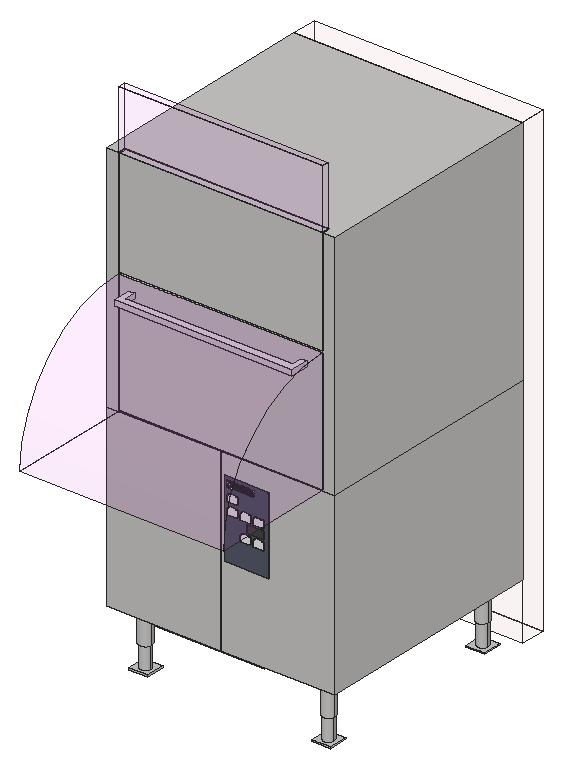
Revit family "QF_ELECTROLUXPROFESSIONAL_190AQJ_190AQJ", category Attrezzature speciali, Revit 2020
Family settings
  Quota connettore circolare = Usa diametro
  Tipo di parte = Normale
  Basato su piano di lavoro = No
  Sempre verticale = Sì
  Taglio con vuoti quando caricato = No
  Condiviso = No
  Punto di calcolo locali = No
Parameters (values of type "Standard")
  Weight = 200.00 kg
  Watts = 13000 W
  Volts = 400 V
  URL Manufacturer = "https://www.electroluxprofessional.com/"
  URL = "https://www.electroluxprofessional.com/"
  Steam Supply Size = 0 mm
  Steam Supply Minimum Pressure = 0.0 Pa
  Steam Supply Maximum Pressure = 0.0 Pa
  Steam Consumption per Hour = 0
  Show Logo [instance] = yes
  Show Clearance [instance] = yes
  Refrigeration Suction Line Size = 0 mm
  Refrigeration Liquid Line Size = 0 mm
  Refrigerant Compressor Remote = yes
  Prospetto di default = 0 mm
  Produttore = "Electrolux Professional"
  Phase = 3
  Modello = "190AQJ"
  Length Actual = 876 mm  # constant formula
  Item Number = "190AQJ"
  Hot Water Size = 19.05 mm
  Height Actual = 1791 mm  # constant formula
  HP = "17.4 HP"
  Gas Size = 0 mm
  Gas KW = 0
  Gas Input Pressure = 0 W
  Direct Waste Size = 20 mm
  Descrizione = "ELECTRONIC POT&PAN 900MM, 50HZ-MARINE"
  Depth Actual = 900 mm  # constant formula
  Cycle = 50 Hz
  Condensate Return Size = 0 mm
  Compressed Air Volume = 0.0 L/s
  Compressed Air Size = 0 mm
  Compressed Air Pressure = 0.0 Pa
  Cold Water Size = 0 mm
  Accessory = yes
Reference planes
  plane 1 "Center (Front/Back)": y = 0
  plane 2: z = 0
  plane 3: x = -63
  plane 4 "LEFT": x = -501
  plane 5: x = 375
  plane 6: y = -450
  plane 7 "BACK": y = 450
  plane 8: z = 220
  plane 9: z = 115
  plane 10: z = 1791
Forms (mm)
  Extrusion 1, solid, material "QF_Finishes_Stainless Steel"
    sketch origin (88.519, -3.5, 0) x (1, 0, 0) y (0, 1, 0)
      loop
        line (-534.519, -88.5) -> (-534.519, -308.5) -> (-94.519, -308.5) -> (-94.519, -88.5) -> (-534.519, -88.5)
    from 115 to 220
  Extrusion 2, solid, material "QF_Finishes_Stainless Steel"
    sketch origin (0, 0, 0) x (1, 0, 0) y (0, 1, 0)
      loop
        line (-501, 450) -> (-501, -450) -> (-63, -450) -> (-63, 450) -> (-501, 450)
    from 220 to 904
  Extrusion 3, solid, material "QF_Finishes_Stainless Steel"
    sketch origin (0, 0, 0) x (1, 0, 0) y (0, 1, 0)
      loop
        line (-63, 450) -> (-63, -450) -> (375, -450) -> (375, 450) -> (-63, 450)
    from 220 to 904
  Extrusion 4, solid, material "QF_Finishes_Stainless Steel"
    sketch origin (0, 0, 0) x (1, 0, 0) y (0, 1, 0)
      loop
        line (-501, 450) -> (-501, -450) -> (-453, -450) -> (-453, -418) -> (327, -418) -> (327, -450) -> (375, -450) -> (375, 450) -> (-501, 450)
    from 904 to 1791
  Extrusion 5, solid, material "QF_Finishes_Stainless Steel"
    sketch origin (0, 0, 0) x (1, 0, 0) y (0, 1, 0)
      loop
        line (-453, -450) -> (327, -450) -> (327, -420) -> (-453, -420) -> (-453, -450)
    from 909 to 1377.938
  Extrusion 6, solid, material "QF_Finishes_Stainless Steel"
    sketch origin (0, 0, 0) x (1, 0, 0) y (0, 1, 0)
      loop
        line (-453, -450) -> (327, -450) -> (327, -420) -> (-453, -420) -> (-453, -450)
    from 1384.114 to 1791
  Extrusion 7, solid, material "QF_Finishes_Door Clearance", visible <- "Show Clearance"
    sketch origin (-229, -650, 546.718) x (0, 1, 0) y (0, 0, -1)
      loop
        line (200, -357.282) -> (-274, -357.282)
        arc (-274, -357.282) -> (-135.169, -692.45) -> (200, -831.282) r 474
        line (200, -831.282) -> (200, -357.282)
    from 224 to -556
  Extrusion 8, solid, material "QF_Finishes_Door Clearance", visible <- "Show Clearance"
    sketch origin (-229, -650, 1221.218) x (0, 1, 0) y (0, 0, -1)
      loop
        line (200, -569.782) -> (200, -798.782) -> (230, -798.782) -> (230, -569.782) -> (200, -569.782)
    from 224 to -556
  Extrusion 9, solid, material "QF_Finishes_Clearance", visible <- "Show Clearance"
    sketch origin (0, 0, 0) x (1, 0, 0) y (0, 1, 0)
      loop
        line (-501, 450) -> (375, 450) -> (375, 550) -> (-501, 550) -> (-501, 450)
    from 0 to 1791
  Extrusion 10, solid, material "QF_Finishes_Stainless Steel"
    sketch origin (-756.159, 1152.464, 214.383) x (1, 0, 0) y (0, 1, 0)
      loop
        circle (701.159, -772.464) r 10
    from -9.383 to 5.617
  Extrusion 11, solid, material "QF_Finishes_Stainless Steel"
    sketch origin (207.404, -238.023, 218) x (0, -1, 0) y (1, 0, 0)
      loop
        line (-163.023, 6.596) -> (-163.023, 26.596) -> (-183.023, 26.596) -> (-183.023, 6.596) -> (-163.023, 6.596)
    from 0 to 2
  Extrusion 12, solid, material "QF_Finishes_Stainless Steel"
    sketch origin (-127.596, 216.977, 218) x (0, -1, 0) y (1, 0, 0)
      loop
        line (-163.023, 6.596) -> (-163.023, 26.596) -> (-183.023, 26.596) -> (-183.023, 6.596) -> (-163.023, 6.596)
    from 0 to 2
  Extrusion 13, solid, material "QF_Finishes_Stainless Steel"
    sketch origin (-526.159, 606.464, 214.383) x (1, 0, 0) y (0, 1, 0)
      loop
        circle (701.159, -772.464) r 10
    from -9.383 to 5.617
  Extrusion 14, solid, material "QF_Finishes_Stainless Steel"
    sketch origin (-456.159, 516.464, 214.383) x (1, 0, 0) y (0, 1, 0)
      loop
        circle (701.159, -772.464) r 10
    from -9.383 to 5.617
Dimensions and locks
  equal spacing: plane 7 "BACK", plane 1 "Center (Front/Back)", plane 6
  plane 7 "BACK" to plane 6 = 900 mm  (x2)
  plane 4 "LEFT" to plane 5 = 876 mm
  equal spacing: Extrusion 2, Extrusion 4 sketch curve, Extrusion 4 sketch curve, Extrusion 4 sketch curve
  equal spacing: plane 5, plane 3, plane 4 "LEFT"
  plane 8 to level = 220 mm
  Extrusion 1 to Extrusion 1 = 220 mm
  Extrusion 1 to plane 6 = 138 mm
  plane 10 to level = 1791 mm
  Extrusion 8 to level = 2020 mm
  Extrusion 9 to Extrusion 7 = 1374 mm
  level to Extrusion 4 = 904 mm
  aligned and locked: level to plane 2
  aligned and locked: plane 8 to Extrusion 1
  aligned and locked: Extrusion 1 to plane 9
  aligned and locked: Extrusion 2 to plane 6
  aligned and locked: plane 7 "BACK" to Extrusion 2
  aligned and locked: Extrusion 2 to plane 4 "LEFT"
  aligned and locked: Extrusion 3 sketch curve to Extrusion 2  (x2)
  aligned and locked: plane 6 to Extrusion 3 sketch curve
  aligned and locked: Extrusion 3 sketch curve to plane 5
  aligned and locked: Extrusion 2 to plane 8
  aligned and locked: Extrusion 3 to plane 8
  aligned and locked: Extrusion 4 sketch curve to Extrusion 2  (x2)
  aligned and locked: Extrusion 5 sketch curve to plane 6
  aligned and locked: Extrusion 6 sketch curve to Extrusion 5  (x4)
  aligned and locked: Extrusion 6 to Extrusion 8 sketch curve
  aligned and locked: Extrusion 8 to Extrusion 6  (x2)
Automatic sketch dimensions
  plane 4 "LEFT" to Extrusion 1 sketch curve = 55 mm
  plane 3 to Extrusion 1 sketch curve = 57 mm
  plane 6 to Extrusion 1 sketch curve = 138 mm
  plane 1 "Center (Front/Back)" to Extrusion 1 sketch curve = 92 mm
  Extrusion 2 sketch curve to plane 4 "LEFT" = 0 mm
  Extrusion 2 sketch curve to plane 3 = 0 mm
  Extrusion 2 sketch curve to plane 6 = 0 mm
  Extrusion 2 sketch curve to plane 7 "BACK" = 0 mm
  Extrusion 4 sketch curve to plane 6 = 0 mm  (x2)
  Extrusion 4 sketch curve to plane 5 = 0 mm
  plane 4 "LEFT" to Extrusion 4 sketch curve = 48 mm
  Extrusion 4 sketch curve to Extrusion 4 sketch curve = 48 mm
  Extrusion 4 sketch curve to Extrusion 4 sketch curve = 32 mm
  plane 4 "LEFT" to Extrusion 5 sketch curve = 48 mm
  Extrusion 5 sketch curve to plane 5 = 48 mm
  Extrusion 5 sketch curve to Extrusion 5 sketch curve = 30 mm
  Extrusion 7 sketch curve to plane 6 = 0 mm
  Extrusion 7 sketch curve to plane 6 = 474 mm
  plane 10 to Extrusion 7 sketch curve = 413 mm
  Extrusion 8 sketch curve to plane 6 = 0 mm
  plane 10 to Extrusion 8 sketch curve = 0 mm
  Extrusion 8 sketch curve to Extrusion 8 sketch curve = 229 mm
  Extrusion 9 sketch curve to plane 4 "LEFT" = 0 mm
  Extrusion 9 sketch curve to plane 5 = 0 mm
  Extrusion 9 sketch curve to plane 7 "BACK" = 0 mm
  Extrusion 9 sketch curve to Extrusion 9 sketch curve = 100 mm
  Extrusion 10 sketch curve to plane 5 = 430 mm
  Extrusion 10 sketch curve to plane 7 "BACK" = 70 mm
  Extrusion 11 sketch curve to plane 7 "BACK" = 505 mm
  Extrusion 11 sketch curve to Extrusion 11 sketch curve = 20 mm  (x2)
  Extrusion 11 sketch curve to plane 5 = 161 mm
  Extrusion 12 sketch curve to plane 1 "Center (Front/Back)" = 400 mm
  Extrusion 12 sketch curve to Extrusion 12 sketch curve = 20 mm  (x2)
  Extrusion 12 sketch curve to plane 5 = 496 mm
  Extrusion 13 sketch curve to plane 5 = 200 mm
  Extrusion 13 sketch curve to plane 7 "BACK" = 616 mm
  Extrusion 14 sketch curve to plane 5 = 130 mm
  Extrusion 14 sketch curve to plane 7 "BACK" = 706 mm
  radius of Extrusion 10 sketch curve = 10 mm
  radius of Extrusion 13 sketch curve = 10 mm
  radius of Extrusion 14 sketch curve = 10 mm
Nested families
  nested 1: "MANIGLIA_DISHWASHING_SQUARE" at (-73, -450, 1321) x (1, 0, 0) z (0, -1, 0), type "MANIGLIA_DISHWASHING_SQUARE"
  nested 2: "Tastierino_LARGE_ROUNCORNER_DISHWASHING_BLUE" at (37, -450, 680) x (-1, 0, 0) z (0, -1, 0), type "Tastierino_LARGE_ROUNCORNER_DISHWASHING_BLUE"
    with Show Logo yes
  nested 3: "ELX_LOGO_MONO_SMALL_WHITE" at (-34.92, -450.8, 755) x (-1, 0, 0) z (0, -1, 0), Show Logo <- "Show Logo", visible <- "Show Logo", type "ELX_LOGO_MONO_SMALL_WHITE"
    with Show Logo yes
  nested 4: "ELX_LOGO_WORDS_WHITE" at (27, -450.8, 804.211) x (1, 0, 0) z (0, -1, 0), Show Logo <- "Show Logo", visible <- "Show Logo", type "ELX_LOGO_WORDS_WHITE"
    with Show Logo yes
  nested 5: "Piedino H220X50 - DISHWASHING - MARINE" at (288, -371, 0), type "Piedino H220X50 - DISHWASHING - MARINE"
    with H 200 mm
  nested 6: "Piedino H220X50 - DISHWASHING - MARINE" at (288, 367, 0), type "Piedino H220X50 - DISHWASHING - MARINE"
    with H 200 mm
  nested 7: "Piedino H220X50 - DISHWASHING - MARINE" at (-414, -371, 0), type "Piedino H220X50 - DISHWASHING - MARINE"
    with H 200 mm
  nested 8: "Piedino H220X50 - DISHWASHING - MARINE" at (-414, 367, 0), type "Piedino H220X50 - DISHWASHING - MARINE"
    with H 200 mm
Connectors
  piping at (-55, 380, 205), diameter 12.9
    settings: on Extrusion 10, index 48, connector inside diameter 609.6 mm, connector length 0 mm, flow factor 0, pipe flow 0.0 L/s, pressure drop 0.0 Pa, fitting loss kfactor 0, connector angle 0.00°, fixture units 0, engagement length 0 mm, angle of deflection 0.00°, flow configuration 0, flow direction 0, fitting loss method 0, system type 29, joint type 0, gender type 0, connector reference index -1, connector utility 0, adjustable connector no, is connector primary yes, connector description "D"
  electrical at (224, -65, 218)
    settings: on Extrusion 11, index 49, voltage 0 V, apparent load 0 VA, apparent load phase1 0 VA, apparent load phase2 0 VA, apparent load phase3 0 VA, power factor 1, load classification "Altro", number of poles 1, system type 30, power factor state 1, is connector primary yes, connector utility no, sub classification motor no, connector description "EI"
  electrical at (-111, 390, 218)
    settings: on Extrusion 12, index 50, voltage 0 V, apparent load 0 VA, apparent load phase1 0 VA, apparent load phase2 0 VA, apparent load phase3 0 VA, power factor 1, load classification "Altro", number of poles 1, system type 30, power factor state 1, is connector primary no, connector utility no, sub classification motor no, connector description "EQ"
  piping at (175, -166, 205), diameter 12.9
    settings: on Extrusion 13, index 51, connector inside diameter 609.6 mm, connector length 0 mm, flow factor 0, pipe flow 0.0 L/s, pressure drop 0.0 Pa, fitting loss kfactor 0, connector angle 0.00°, fixture units 0, engagement length 0 mm, angle of deflection 0.00°, flow configuration 0, flow direction 0, fitting loss method 0, system type 29, joint type 0, gender type 0, connector reference index -1, connector utility 0, adjustable connector no, is connector primary no, connector description "HWI"
  piping at (245, -256, 205), diameter 12.9
    settings: on Extrusion 14, index 52, connector inside diameter 609.6 mm, connector length 0 mm, flow factor 0, pipe flow 0.0 L/s, pressure drop 0.0 Pa, fitting loss kfactor 0, connector angle 0.00°, fixture units 0, engagement length 0 mm, angle of deflection 0.00°, flow configuration 0, flow direction 0, fitting loss method 0, system type 29, joint type 0, gender type 0, connector reference index -1, connector utility 0, adjustable connector no, is connector primary no, connector description "XD/XR"
Definition of nested family "MANIGLIA_DISHWASHING_SQUARE"
  Parameters
    Default Elevation = 1219.2 mm
  Reference planes
    plane 1 "Centro (Fronte/Retro)": y = 0
    plane 2: z = 0
    plane 3 "Centro (Sinistra/Destra)": x = 0
    plane 4: z = 72
    plane 5: x = -340
    plane 6: x = 340
  Forms (mm)
    Extrusion 1, solid
      sketch origin (0, 0, 0) x (1, 0, 0) y (0, 1, 0)
        loop
          line (-1219.2, 1219.2) -> (-1219.2, -1219.2) -> (1219.2, -1219.2) -> (1219.2, 1219.2) -> (-1219.2, 1219.2)
      from 0 to -304.8
    Extrusion 2, solid
      sketch origin (0, 10.003, 0) x (1, 0, 0) y (0, 0, 1)
        loop
          line (-340, 0) -> (-320, 0) -> (-320, 42) -> (320, 42) -> (320, 0) -> (340, 0) -> (340, 72) -> (-340, 72) -> (-340, 0)
      from 0 to 20.005
  Dimensions and locks
    aligned and locked: plane 2 to Extrusion 1
    aligned and locked: level to Extrusion 1
Definition of nested family "Tastierino_LARGE_ROUNCORNER_DISHWASHING_BLUE"
  Parameters
    Show Logo [instance] = yes
    Default Elevation = 1219.2 mm
  Reference planes
    plane 1 "Centro (Fronte/Retro)": y = 0
    plane 2: z = 0
    plane 3 "Centro (Sinistra/Destra)": x = 0
  Forms (mm)
    Extrusion 1, solid
      sketch origin (0, 0, 0) x (1, 0, 0) y (0, 1, 0)
        loop
          line (-1219.2, 1219.2) -> (-1219.2, -1219.2) -> (1219.2, -1219.2) -> (1219.2, 1219.2) -> (-1219.2, 1219.2)
      from 0 to -304.8
    Extrusion 2, solid
      sketch origin (0, 0, 0) x (1, 0, 0) y (0, 1, 0)
        loop
          line (-84.444, 147.62) -> (-84.444, -147.62) -> (84.444, -147.62) -> (84.444, 147.62) -> (-84.444, 147.62)
        loop
          arc (-63.183, 58.723) -> (-64.598, 58.137) -> (-65.183, 56.723) r 2
          line (-65.183, 56.723) -> (-65.183, 30.723)
          arc (-65.183, 30.723) -> (-64.598, 29.308) -> (-63.183, 28.723) r 2
          line (-63.183, 28.723) -> (-40.183, 28.723)
          arc (-40.183, 28.723) -> (-29.577, 33.116) -> (-25.183, 43.723) r 15
          line (-25.183, 43.723) -> (-25.183, 56.723)
          arc (-25.183, 56.723) -> (-25.769, 58.137) -> (-27.183, 58.723) r 2
          line (-27.183, 58.723) -> (-63.183, 58.723)
        loop
          line (-65.183, 22.208) -> (-65.183, -7.792) -> (0, -7.792) -> (0, 22.208) -> (-65.183, 22.208)
        loop
          arc (-13.183, 58.723) -> (-14.598, 58.137) -> (-15.183, 56.723) r 2
          line (-15.183, 56.723) -> (-15.183, 30.723)
          arc (-15.183, 30.723) -> (-14.598, 29.308) -> (-13.183, 28.723) r 2
          line (-13.183, 28.723) -> (9.817, 28.723)
          arc (9.817, 28.723) -> (20.423, 33.116) -> (24.817, 43.723) r 15
          line (24.817, 43.723) -> (24.817, 56.723)
          arc (24.817, 56.723) -> (24.231, 58.137) -> (22.817, 58.723) r 2
          line (22.817, 58.723) -> (-13.183, 58.723)
        loop
          arc (-63.183, -16.277) -> (-64.598, -16.863) -> (-65.183, -18.277) r 2
          line (-65.183, -18.277) -> (-65.183, -44.277)
          arc (-65.183, -44.277) -> (-64.598, -45.692) -> (-63.183, -46.277) r 2
          line (-63.183, -46.277) -> (-40.183, -46.277)
          arc (-40.183, -46.277) -> (-29.577, -41.884) -> (-25.183, -31.277) r 15
          line (-25.183, -31.277) -> (-25.183, -18.277)
          arc (-25.183, -18.277) -> (-25.769, -16.863) -> (-27.183, -16.277) r 2
          line (-27.183, -16.277) -> (-63.183, -16.277)
        loop
          arc (-13.183, -16.277) -> (-14.598, -16.863) -> (-15.183, -18.277) r 2
          line (-15.183, -18.277) -> (-15.183, -44.277)
          arc (-15.183, -44.277) -> (-14.598, -45.692) -> (-13.183, -46.277) r 2
          line (-13.183, -46.277) -> (9.817, -46.277)
          arc (9.817, -46.277) -> (20.423, -41.884) -> (24.817, -31.277) r 15
          line (24.817, -31.277) -> (24.817, -18.277)
          arc (24.817, -18.277) -> (24.231, -16.863) -> (22.817, -16.277) r 2
          line (22.817, -16.277) -> (-13.183, -16.277)
        loop
          arc (36.817, -16.277) -> (35.402, -16.863) -> (34.817, -18.277) r 2
          line (34.817, -18.277) -> (34.817, -44.277)
          arc (34.817, -44.277) -> (35.402, -45.692) -> (36.817, -46.277) r 2
          line (36.817, -46.277) -> (59.817, -46.277)
          arc (59.817, -46.277) -> (70.423, -41.884) -> (74.817, -31.277) r 15
          line (74.817, -31.277) -> (74.817, -18.277)
          arc (74.817, -18.277) -> (74.231, -16.863) -> (72.817, -16.277) r 2
          line (72.817, -16.277) -> (36.817, -16.277)
        loop
          arc (36.817, -61.277) -> (35.402, -61.863) -> (34.817, -63.277) r 2
          line (34.817, -63.277) -> (34.817, -89.277)
          arc (34.817, -89.277) -> (35.402, -90.692) -> (36.817, -91.277) r 2
          line (36.817, -91.277) -> (59.817, -91.277)
          arc (59.817, -91.277) -> (70.423, -86.884) -> (74.817, -76.277) r 15
          line (74.817, -76.277) -> (74.817, -63.277)
          arc (74.817, -63.277) -> (74.231, -61.863) -> (72.817, -61.277) r 2
          line (72.817, -61.277) -> (36.817, -61.277)
      from 0 to 0.8
    Extrusion 3, solid
      sketch origin (0, 0, 0) x (1, 0, 0) y (0, 1, 0)
        loop
          line (-65.183, 22.208) -> (-65.183, -7.792) -> (0, -7.792) -> (0, 22.208) -> (-65.183, 22.208)
      from 0 to 0.8
    Extrusion 4, solid
      sketch origin (0, 0, 0) x (1, 0, 0) y (0, 1, 0)
        loop
          arc (-63.183, 58.723) -> (-64.598, 58.137) -> (-65.183, 56.723) r 2
          line (-65.183, 56.723) -> (-65.183, 30.723)
          arc (-65.183, 30.723) -> (-64.598, 29.308) -> (-63.183, 28.723) r 2
          line (-63.183, 28.723) -> (-40.183, 28.723)
          arc (-40.183, 28.723) -> (-29.577, 33.116) -> (-25.183, 43.723) r 15
          line (-25.183, 43.723) -> (-25.183, 56.723)
          arc (-25.183, 56.723) -> (-25.769, 58.137) -> (-27.183, 58.723) r 2
          line (-27.183, 58.723) -> (-63.183, 58.723)
        loop
          arc (-13.183, 58.723) -> (-14.598, 58.137) -> (-15.183, 56.723) r 2
          line (-15.183, 56.723) -> (-15.183, 30.723)
          arc (-15.183, 30.723) -> (-14.598, 29.308) -> (-13.183, 28.723) r 2
          line (-13.183, 28.723) -> (9.817, 28.723)
          arc (9.817, 28.723) -> (20.423, 33.116) -> (24.817, 43.723) r 15
          line (24.817, 43.723) -> (24.817, 56.723)
          arc (24.817, 56.723) -> (24.231, 58.137) -> (22.817, 58.723) r 2
          line (22.817, 58.723) -> (-13.183, 58.723)
        loop
          arc (-63.183, -16.277) -> (-64.598, -16.863) -> (-65.183, -18.277) r 2
          line (-65.183, -18.277) -> (-65.183, -44.277)
          arc (-65.183, -44.277) -> (-64.598, -45.692) -> (-63.183, -46.277) r 2
          line (-63.183, -46.277) -> (-40.183, -46.277)
          arc (-40.183, -46.277) -> (-29.577, -41.884) -> (-25.183, -31.277) r 15
          line (-25.183, -31.277) -> (-25.183, -18.277)
          arc (-25.183, -18.277) -> (-25.769, -16.863) -> (-27.183, -16.277) r 2
          line (-27.183, -16.277) -> (-63.183, -16.277)
        loop
          arc (-13.183, -16.277) -> (-14.598, -16.863) -> (-15.183, -18.277) r 2
          line (-15.183, -18.277) -> (-15.183, -44.277)
          arc (-15.183, -44.277) -> (-14.598, -45.692) -> (-13.183, -46.277) r 2
          line (-13.183, -46.277) -> (9.817, -46.277)
          arc (9.817, -46.277) -> (20.423, -41.884) -> (24.817, -31.277) r 15
          line (24.817, -31.277) -> (24.817, -18.277)
          arc (24.817, -18.277) -> (24.231, -16.863) -> (22.817, -16.277) r 2
          line (22.817, -16.277) -> (-13.183, -16.277)
        loop
          arc (36.817, -16.277) -> (35.402, -16.863) -> (34.817, -18.277) r 2
          line (34.817, -18.277) -> (34.817, -44.277)
          arc (34.817, -44.277) -> (35.402, -45.692) -> (36.817, -46.277) r 2
          line (36.817, -46.277) -> (59.817, -46.277)
          arc (59.817, -46.277) -> (70.423, -41.884) -> (74.817, -31.277) r 15
          line (74.817, -31.277) -> (74.817, -18.277)
          arc (74.817, -18.277) -> (74.231, -16.863) -> (72.817, -16.277) r 2
          line (72.817, -16.277) -> (36.817, -16.277)
        loop
          arc (36.817, -61.277) -> (35.402, -61.863) -> (34.817, -63.277) r 2
          line (34.817, -63.277) -> (34.817, -89.277)
          arc (34.817, -89.277) -> (35.402, -90.692) -> (36.817, -91.277) r 2
          line (36.817, -91.277) -> (59.817, -91.277)
          arc (59.817, -91.277) -> (70.423, -86.884) -> (74.817, -76.277) r 15
          line (74.817, -76.277) -> (74.817, -63.277)
          arc (74.817, -63.277) -> (74.231, -61.863) -> (72.817, -61.277) r 2
          line (72.817, -61.277) -> (36.817, -61.277)
      from 0 to 0.8
  Dimensions and locks
    aligned and locked: plane 2 to Extrusion 1
    aligned and locked: level to Extrusion 1
Definition of nested family "ELX_LOGO_MONO_SMALL_WHITE"
  Parameters (values of type "ELX_LOGO_MONO_SMALL_WHITE")
    Show Logo [instance] = yes
    Default Elevation = 1219.2 mm
  Reference planes
    plane 1 "Center (Front/Back)": y = -49
    plane 2: z = 0
    plane 3 "Center (Left/Right)": x = -9.92
  Forms (mm)
    Extrusion 1, solid
      sketch origin (0, 0, 0) x (1, 0, 0) y (0, 1, 0)
        loop
          line (-1219.2, 1219.2) -> (-1219.2, -1219.2) -> (1219.2, -1219.2) -> (1219.2, 1219.2) -> (-1219.2, 1219.2)
      from 0 to -304.8
    Extrusion 2, solid, visible <- "Show Logo"
      sketch origin (84.462, 509.781, 0) x (1, 0, 0) y (0, 1, 0)
        loop
          line (-97.736, -569.727) -> (-97.736, -547.891)
          arc (-97.736, -547.891) -> (-105.808, -558.809) -> (-97.736, -569.727) r 11.42
        loop
          arc (-96.625, -569.727) -> (-87.544, -567.663) -> (-83.169, -559.442) r 11.191
          line (-83.169, -559.442) -> (-86.782, -559.442)
          arc (-86.782, -559.442) -> (-93.235, -562.062) -> (-96.625, -568.146) r 10.49
          line (-96.625, -568.146) -> (-96.625, -569.727)
        loop
          arc (-96.625, -549.472) -> (-93.235, -555.557) -> (-86.782, -558.176) r 10.49
          line (-86.782, -558.176) -> (-83.169, -558.176)
          arc (-83.169, -558.176) -> (-87.537, -549.888) -> (-96.625, -547.611) r 11.484
          line (-96.625, -547.611) -> (-96.625, -549.472)
        loop
          line (-82.34, -570.919) -> (-82.34, -546.65) -> (-106.642, -546.65) -> (-106.642, -570.919) -> (-82.34, -570.919)
      from 0 to 1.644
  Dimensions and locks
    aligned and locked: plane 2 to Extrusion 1
    aligned and locked: level to Extrusion 1
Definition of nested family "ELX_LOGO_WORDS_WHITE"
  Parameters (values of type "ELX_LOGO_WORDS_WHITE")
    Show Logo [instance] = yes
    Default Elevation = 0 mm
  Reference planes
    plane 1 "Centro (Fronte/Retro)": y = 0
    plane 2: z = 0
    plane 3 "Centro (Sinistra/Destra)": x = 0
  Forms (mm)
    Extrusion 1, solid
      sketch origin (0, 0, 0) x (1, 0, 0) y (0, 1, 0)
        loop
          line (-1219.2, 1219.2) -> (-1219.2, -1219.2) -> (1219.2, -1219.2) -> (1219.2, 1219.2) -> (-1219.2, 1219.2)
      from 0 to -304.8
    Extrusion 2, solid, visible <- "Show Logo"
      sketch origin (0, 0, 0) x (1, 0, 0) y (0, 1, 0)
        loop
          line (-30.234, 10.561) -> (-37.67, 10.561) -> (-37.67, 1.902)
          arc (-37.67, 1.902) -> (-36.691, -0.461) -> (-34.329, -1.439) r 3.341
          line (-34.329, -1.439) -> (-30.09, -1.439) -> (-30.09, 0.503) -> (-33.845, 0.503)
          arc (-33.845, 0.503) -> (-35.079, 0.92) -> (-35.604, 2.112) r 1.615
          line (-35.604, 2.112) -> (-35.604, 3.829) -> (-30.555, 3.829) -> (-30.555, 5.779) -> (-35.604, 5.779) -> (-35.604, 8.617) -> (-30.234, 8.617) -> (-30.234, 10.561)
        loop
          line (-28.622, 10.561) -> (-28.622, -1.439) -> (-26.555, -1.439) -> (-26.555, 10.561) -> (-28.622, 10.561)
        loop
          line (16.27, 10.561) -> (16.27, -1.439) -> (18.338, -1.439) -> (18.338, 10.561) -> (16.27, 10.561)
        loop
          line (-23.137, 2.393) -> (-16.354, 2.393)
          arc (-16.354, 2.393) -> (-17.415, 6.119) -> (-21.043, 7.478) r 4.298
          arc (-21.043, 7.478) -> (-24.239, 5.857) -> (-25.151, 2.393) r 4.373
          arc (-25.151, 2.393) -> (-23.951, -0.505) -> (-21.053, -1.705) r 4.097
          arc (-21.053, -1.705) -> (-18.799, -1.372) -> (-16.908, -0.099) r 5.15
          line (-16.908, -0.099) -> (-18.133, 1.125)
          arc (-18.133, 1.125) -> (-19.74, 0.161) -> (-21.607, 0.323) r 3.039
          arc (-21.607, 0.323) -> (-22.746, 1.081) -> (-23.137, 2.393) r 2.013
        loop
          line (-23.085, 3.846) -> (-18.431, 3.846)
          arc (-18.431, 3.846) -> (-19.084, 5.22) -> (-20.519, 5.727) r 1.983
          arc (-20.519, 5.727) -> (-22.175, 5.295) -> (-23.085, 3.846) r 2.321
        loop
          line (-8.297, 4.711) -> (-6.999, 6.009)
          arc (-6.999, 6.009) -> (-8.627, 7.187) -> (-10.604, 7.539) r 4.497
          arc (-10.604, 7.539) -> (-13.621, 6.437) -> (-15.204, 3.642) r 4.652
          arc (-15.204, 3.642) -> (-12.536, -1.257) -> (-7.072, -0.127) r 4.684
          line (-7.072, -0.127) -> (-8.363, 1.163)
          arc (-8.363, 1.163) -> (-11.149, 0.242) -> (-13.145, 2.393) r 2.714
          arc (-13.145, 2.393) -> (-13.006, 4.094) -> (-11.835, 5.335) r 2.578
          arc (-11.835, 5.335) -> (-9.96, 5.621) -> (-8.297, 4.711) r 2.961
        loop
          line (-5.73, 10.561) -> (-5.73, 2.36)
          arc (-5.73, 2.36) -> (-5.551, 1.13) -> (-5.09, -0.025) r 5.301
          arc (-5.09, -0.025) -> (-3.615, -1.198) -> (-1.746, -1.445) r 3.531
          line (-1.746, -1.445) -> (-1.746, 0.492)
          arc (-1.746, 0.492) -> (-2.302, 0.534) -> (-2.82, 0.74) r 1.862
          arc (-2.82, 0.74) -> (-3.484, 1.442) -> (-3.662, 2.393) r 1.713
          line (-3.662, 2.393) -> (-3.662, 5.362) -> (-1.785, 5.362) -> (-1.785, 7.24) -> (-3.662, 7.24) -> (-3.662, 10.561) -> (-5.73, 10.561)
        loop
          arc (2.004, 3.123) -> (2.152, 3.988) -> (2.578, 4.755) r 2.607
          arc (2.578, 4.755) -> (3.817, 5.391) -> (5.208, 5.362) r 2.84
          line (5.208, 5.362) -> (5.208, 7.349)
          arc (5.208, 7.349) -> (3.39, 7.177) -> (2.004, 5.989) r 3.016
          line (2.004, 5.989) -> (2.004, 7.24) -> (-0.046, 7.24) -> (-0.046, -1.439) -> (2.004, -1.439) -> (2.004, 3.123)
        loop
          circle (10.262, 2.899) r 4.599
        loop
          circle (10.262, 2.899) r 2.787
        loop
          arc (25.793, 2.175) -> (25.283, 0.772) -> (23.898, 0.213) r 1.835
          arc (23.898, 0.213) -> (22.514, 0.772) -> (22.004, 2.175) r 1.835
          line (22.004, 2.175) -> (22.004, 7.24) -> (19.919, 7.24) -> (19.919, 2.003)
          arc (19.919, 2.003) -> (21.105, -0.701) -> (23.898, -1.659) r 3.675
          arc (23.898, -1.659) -> (26.723, -0.672) -> (27.877, 2.088) r 3.675
          line (27.877, 2.088) -> (27.877, 7.24) -> (25.793, 7.24) -> (25.793, 2.175)
        loop
          line (29.126, 7.24) -> (32.128, 3.164) -> (28.83, -1.442) -> (31.052, -1.442) -> (33.241, 1.615) -> (35.462, -1.442) -> (37.67, -1.442) -> (34.419, 3.211) -> (37.392, 7.24) -> (35.135, 7.24) -> (33.234, 4.663) -> (31.362, 7.24) -> (29.126, 7.24)
        loop
          line (-35.875, -6.414) -> (-37.523, -6.414) -> (-37.523, -10.564) -> (-36.621, -10.564) -> (-36.621, -9.135) -> (-35.625, -9.135)
          arc (-35.625, -9.135) -> (-34.509, -7.66) -> (-35.875, -6.414) r 1.372
        loop
          arc (-35.664, -8.32) -> (-35.322, -7.786) -> (-35.664, -7.253) r 0.587
          line (-35.664, -7.253) -> (-36.621, -7.253) -> (-36.621, -8.32) -> (-35.664, -8.32)
        loop
          line (-29.363, -6.414) -> (-31.04, -6.414) -> (-31.04, -10.564) -> (-30.138, -10.564) -> (-30.138, -9.135) -> (-29.265, -9.135) -> (-28.669, -10.564) -> (-27.7, -10.564) -> (-28.516, -8.814)
          arc (-28.516, -8.814) -> (-28.125, -8.347) -> (-27.994, -7.752) r 1.281
          arc (-27.994, -7.752) -> (-28.406, -6.804) -> (-29.363, -6.414) r 1.37
        loop
          line (-30.138, -7.253) -> (-30.138, -8.32) -> (-29.18, -8.32)
          arc (-29.18, -8.32) -> (-28.839, -7.786) -> (-29.18, -7.253) r 0.587
          line (-29.18, -7.253) -> (-30.138, -7.253)
        loop
          circle (-22.402, -8.489) r 2.156
        loop
          circle (-22.402, -8.489) r 1.368
        loop
          line (-16.703, -6.414) -> (-16.703, -10.564) -> (-15.823, -10.564) -> (-15.823, -9.114) -> (-14.261, -9.114) -> (-14.261, -8.184) -> (-15.823, -8.184) -> (-15.823, -7.308) -> (-14.111, -7.308) -> (-14.111, -6.414) -> (-16.703, -6.414)
        loop
          line (-10.611, -6.414) -> (-10.611, -9.216)
          arc (-10.611, -9.216) -> (-10.229, -10.166) -> (-9.284, -10.561) r 1.327
          line (-9.284, -10.561) -> (-7.945, -10.561) -> (-7.945, -9.777) -> (-9.204, -9.777)
          arc (-9.204, -9.777) -> (-9.668, -9.394) -> (-9.759, -8.799) r 0.845
          line (-9.759, -8.799) -> (-8.1, -8.799) -> (-8.1, -8.015) -> (-9.759, -8.015) -> (-9.759, -7.198) -> (-7.985, -7.198) -> (-7.985, -6.414) -> (-10.611, -6.414)
        loop
          arc (4.417, -6.94) -> (3.867, -6.489) -> (3.171, -6.345) r 1.485
          arc (3.171, -6.345) -> (2.528, -6.503) -> (2, -6.902) r 1.645
          arc (2, -6.902) -> (1.902, -7.844) -> (2.51, -8.571) r 1.217
          arc (2.51, -8.571) -> (3.021, -8.741) -> (3.506, -8.976) r 4.201
          arc (3.506, -8.976) -> (3.812, -9.337) -> (3.601, -9.761) r 0.43
          arc (3.601, -9.761) -> (3.209, -9.853) -> (2.819, -9.754) r 0.846
          arc (2.819, -9.754) -> (2.482, -9.511) -> (2.275, -9.15) r 0.983
          line (2.275, -9.15) -> (1.549, -9.489)
          arc (1.549, -9.489) -> (1.811, -9.993) -> (2.232, -10.374) r 1.595
          arc (2.232, -10.374) -> (2.71, -10.578) -> (3.227, -10.63) r 1.719
          arc (3.227, -10.63) -> (3.867, -10.503) -> (4.442, -10.197) r 2.246
          arc (4.442, -10.197) -> (4.697, -9.52) -> (4.566, -8.81) r 1.349
          arc (4.566, -8.81) -> (4.282, -8.482) -> (3.919, -8.245) r 1.564
          arc (3.919, -8.245) -> (3.46, -8.04) -> (2.99, -7.864) r 8.236
          arc (2.99, -7.864) -> (2.718, -7.441) -> (3.111, -7.128) r 0.375
          arc (3.111, -7.128) -> (3.581, -7.241) -> (3.943, -7.563) r 0.998
          line (3.943, -7.563) -> (4.417, -6.94)
        loop
          line (8.225, -6.414) -> (8.225, -10.561) -> (9.077, -10.561) -> (9.077, -6.414) -> (8.225, -6.414)
        loop
          circle (14.827, -8.488) r 1.29
        loop
          circle (14.827, -8.488) r 2.154
        loop
          line (20.548, -10.561) -> (21.409, -10.561) -> (21.409, -7.954) -> (23.306, -10.561) -> (24.135, -10.561) -> (24.135, -6.414) -> (23.274, -6.414) -> (23.274, -9.101) -> (21.377, -6.414) -> (20.548, -6.414) -> (20.548, -10.561)
        loop
          line (28.435, -10.561) -> (28.839, -9.667) -> (30.373, -9.667) -> (30.777, -10.561) -> (31.693, -10.561) -> (29.942, -6.414) -> (29.142, -6.414) -> (27.519, -10.561) -> (28.435, -10.561)
        loop
          line (29.99, -8.816) -> (29.579, -7.905) -> (29.18, -8.816) -> (29.99, -8.816)
        loop
          line (35.929, -9.777) -> (35.929, -6.414) -> (35.076, -6.414) -> (35.076, -10.561) -> (37.523, -10.561) -> (37.523, -9.777) -> (35.929, -9.777)
        loop
          arc (-1.8, -6.94) -> (-2.35, -6.489) -> (-3.046, -6.345) r 1.485
          arc (-3.046, -6.345) -> (-3.689, -6.503) -> (-4.218, -6.902) r 1.645
          arc (-4.218, -6.902) -> (-4.316, -7.844) -> (-3.708, -8.571) r 1.217
          arc (-3.708, -8.571) -> (-3.197, -8.741) -> (-2.712, -8.976) r 4.201
          arc (-2.712, -8.976) -> (-2.405, -9.337) -> (-2.616, -9.761) r 0.43
          arc (-2.616, -9.761) -> (-3.008, -9.853) -> (-3.399, -9.754) r 0.846
          arc (-3.399, -9.754) -> (-3.736, -9.511) -> (-3.942, -9.15) r 0.983
          line (-3.942, -9.15) -> (-4.668, -9.489)
          arc (-4.668, -9.489) -> (-4.407, -9.993) -> (-3.985, -10.374) r 1.595
          arc (-3.985, -10.374) -> (-3.507, -10.578) -> (-2.99, -10.63) r 1.719
          arc (-2.99, -10.63) -> (-2.351, -10.503) -> (-1.775, -10.197) r 2.246
          arc (-1.775, -10.197) -> (-1.521, -9.52) -> (-1.652, -8.81) r 1.349
          arc (-1.652, -8.81) -> (-1.936, -8.482) -> (-2.298, -8.245) r 1.564
          arc (-2.298, -8.245) -> (-2.757, -8.04) -> (-3.228, -7.864) r 8.236
          arc (-3.228, -7.864) -> (-3.5, -7.441) -> (-3.107, -7.128) r 0.375
          arc (-3.107, -7.128) -> (-2.636, -7.241) -> (-2.274, -7.563) r 0.998
          line (-2.274, -7.563) -> (-1.8, -6.94)
      from 0 to 1.644
  Dimensions and locks
    aligned and locked: plane 2 to Extrusion 1
    aligned and locked: level to Extrusion 1
Definition of nested family "Piedino H220X50 - DISHWASHING - MARINE"
  Parameters (values of type "Piedino H220X50 - DISHWASHING - MARINE")
    Default Elevation = 0 mm
    H [instance] = 200 mm
  Reference planes
    plane 1 "Centro (Fronte/Retro)": y = 0
    plane 2: z = 0
    plane 3 "Centro (Sinistra/Destra)": x = 0
    plane 4: z = 70.047
  Forms (mm)
    Revolve 1, solid
      sketch origin (55, 0, 0) x (-1, 0, 0) y (0, 0, -1)
        loop
          line (35, -5) -> (35, -90) -> (30, -90) -> (30, -220) -> (55, -220) -> (55, -5) -> (35, -5)
        axis (55, -5) -> (55, -220)
      angle from 0 to 360
    Extrusion 2, solid
      sketch origin (0, 0, 0) x (1, 0, 0) y (0, 0, 1)
        loop
          line (-35, 5) -> (-35, 0) -> (35, 0) -> (35, 5) -> (-35, 5)
      from -36.601 to 35
  Dimensions and locks
    aligned and locked: level to plane 2
